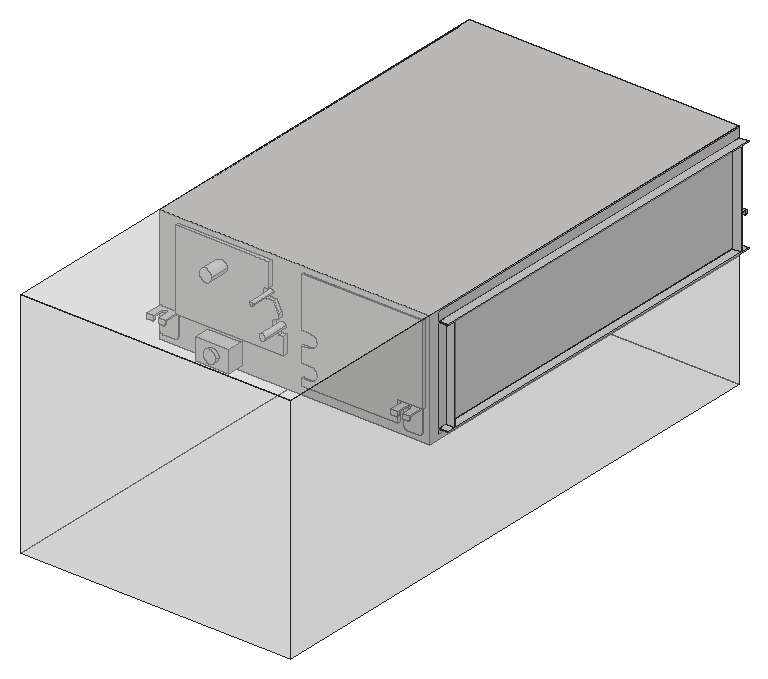
Revit family "outputfile", category 機械設備, Revit 2024
Family settings
  丸型コネクタ寸法 = 半径を使用
  パーツ タイプ = 標準
  OmniClass 番号 = 23.75.10.24.21.27.27
  OmniClass タイトル = Split System Air Conditioning Units
  作業面ベース = いいえ
  常に垂直 = はい
  ロード時にボイドで切り取り = いいえ
  注釈の向きを維持 = いいえ
  共有 = いいえ
  部屋計算ポイント = はい
Parameters (values of type "FXMQ80ARV1")
  製造元 = "Daikin"
  書き出し IFC クラス(タイプ) = "IfcUnitaryEquipmentType"
  定義済み IFC タイプ(タイプ) = "AIRCONDITIONINGUNIT"
  モデル = "FXMQ80ARV1"
  r_Liquid Pipe Size = Liquid Pipe Size / 2  # 4.75 mm
  r_Gas Pipe Size = Gas Pipe Size / 2  # 7.95 mm
  r_Drain Pipe Size = Drain Pipe Size / 2  # 16.0 mm
  lw_power = 396.0 mm  # constant formula
  lh_SA = 165.0 mm  # constant formula
  lw_SA = if(Depth = 550.0 mm, 210.0 mm, if(Depth = 700.0 mm, 285.0 mm, if(Depth = 1000.0 mm, 435.0 mm, 635.0 mm)))  # 435.0 mm
  lw_RA = if(Depth = 550.0 mm, 288.0 mm, if(Depth = 700.0 mm, 363.0 mm, if(Depth = 1000.0 mm, 513.0 mm, 713.0 mm)))  # 513.0 mm
  lh_power = 60.0 mm + [h***]  # 60.0 mm
  lh_mountinghole1 = lh_mountinghole + [h***]  # 80.0 mm
  lh_RA = 150.0 mm  # constant formula
  ld_power = Depth / 2  # 500.0 mm
  Voltage_comment_60Hz = "220-240"
  Voltage_comment_50Hz = "220-240"
  Voltage_60Hz = 220 V
  Voltage_50Hz = 220 V
  Supply Air Direction [instance] = yes
  Phase_60Hz = 1
  Phase_50Hz = 1
  Minimum Circuit Amps_60Hz = 1.7 A
  Minimum Circuit Amps_50Hz = 1.6 A
  Maximum Fuse Amps_60Hz = 15.0 A
  Maximum Fuse Amps_50Hz = 15.0 A
  Maximum External Static Pressure = 50.00 Pa
  Material_Casing = DAIKIN_GalvanizedSteel_Casing_indoorunit
  lw_mountinghole = 631.0 mm  # constant formula
  lh_gaspipe = 144.0 mm + [h***]  # 144.0 mm
  lh_mountinghole = 80.0 mm  # constant formula
  lh_liquidpipe = 212.0 mm + [h***]  # 212.0 mm
  lh_drainpipe = 232.0 mm + [h***]  # 232.0 mm
  lh_antena = Height - lh_mountinghole + 1.0 mm  # 221.0 mm
  ld_drainpipe = Depth / 2 + 59.0 mm  # 559.0 mm
  ld_liquidpipe = 565.0 mm
  ld_gaspipe = 565.0 mm
  ld_mountinghole = Depth + 38.0 mm  # 1038.0 mm
  h*** = 0.0 mm  # constant formula
  lw_liquidpipe = 290.0 mm  # constant formula
  lw_gaspipe = 318.0 mm  # constant formula
  lw_drainpipe = 167.0 mm  # constant formula
  Width = 700.0 mm
  Version = "ver.1.0"
  Unit Type = "Duct_M.S.P."
  Unit Mass Weight = 35.00 kg
  Unit Designation [instance] = ""
  Uniclass2015Version = "Products v1.30"
  Uniclass2015Title = "Variable refrigerant flow units"
  Uniclass2015Code = "Pr_70_65_03_94"
  Total Heating Capacity [instance] = 0.000 kW
  Total Cooling Capacity [instance] = 0.000 kW
  Sound Pressure Level_L speed (dBA) = 41
  Sound Pressure Level_H speed (dBA) = 43
  Series = "VRV Fan Coil Unit"
  Sensible Cooling Capacity [instance] = 0.000 kW
  SA Duct Size Width = if(Depth = 550.0 mm, 310.0 mm, if(Depth = 700.0 mm, 460.0 mm, if(Depth = 1000.0 mm, 760.0 mm, 1160.0 mm)))  # 760.0 mm
  SA Duct Size Height = 215.0 mm
  Refrigerant Type = "R410A"
  RA Duct Size Width = if(Depth = 550.0 mm, 475.0 mm, if(Depth = 700.0 mm, 625.0 mm, if(Depth = 1000.0 mm, 925.0 mm, 1325.0 mm)))  # 925.0 mm
  RA Duct Size Height = 247.0 mm
  Power Input (Heating) = 0.300 kW
  Power Input (Cooling) = 0.300 kW
  Option Accessory 3 [instance] = ""
  Option Accessory 2 [instance] = ""
  Option Accessory 1 [instance] = ""
  Nominal Heating Capacity = 9.000 kW
  Nominal Cooling Capacity = 9.000 kW
  Minimum Airflow = 1500.00 m³/h
  Median Airflow = 0.00 m³/h
  Maximum Airflow = 1800.00 m³/h
  Load Classification = HVAC
  Liquid Pipe Size = 9.5 mm
  Link_Nested Family [instance] = ""
  IfcVersion = ""
  IfcExportType = "AIRCONDITIONINGUNIT"
  IfcExportAs = "IfcUnitaryEquipmentType"
  Height = 300.0 mm
  Heating Entering Wet Bulb Temperature [instance] = 0.00 °C
  Heating Entering Dry Bulb Temperature [instance] = 0.00 °C
  Heating Ambient Wet Bulb Temperature [instance] = 0.00 °C
  Heating Ambient Dry Bulb Temperature [instance] = 0.00 °C
  Heat Exchanger Type = "Cross Fin Coil"
  Gas Pipe Size = 15.9 mm
  Frequency_60Hz = 60 Hz
  Frequency_50Hz = 50 Hz
  Fan Type = "Sirocco Fan"
  Fan Drive = "Direct Drive"
  FCU Tag No. [instance] = ""
  Drain Pipe Size = 32.0 mm
  Design Supply Airflow [instance] = 0.00 m³/h
  Design Return Airflow [instance] = 0.00 m³/h
  Design External Static Pressure [instance] = 0.00 Pa
  Depth = 1000.0 mm
  既定の高さ = 0.0 mm
  Cooling Entering Wet Bulb Temperature [instance] = 0.00 °C
  Cooling Entering Dry Bulb Temperature [instance] = 0.00 °C
  Cooling Ambient Wet Bulb Temperature [instance] = 0.00 °C
  Cooling Ambient Dry Bulb Temperature [instance] = 0.00 °C
  Clearance visibility [instance] = yes
  Clearance Top = 0.0 mm
  Clearance Right = 0.0 mm
  Clearance Rear = 0.0 mm
  Clearance Left = 0.0 mm
  Clearance Front = 450.0 mm
  Clearance Bottom = 300.0 mm
Reference planes
  plane 1 "Center (Front/Back)": y = 0
  plane 2 "h": z = 0
  plane 3 "Center (Left/Right)": x = 0
  plane 4 "Back": y = 500
  plane 5 "Front": y = -500
  plane 6 "Left": x = -350
  plane 7 "Reight": x = 350
  plane 8 "Top": z = 0
  plane 9 "Bottom": z = -300
  plane 10: y = -215
  plane 11: y = 500
  plane 12: y = -950
  plane 13: x = -350
  plane 14: x = 350
  plane 15: z = 0
  plane 16: z = -600
  plane 17: x = -350
  plane 18: z = -135
  plane 19: x = -349
  plane 20: x = 349
  plane 21: y = 65
  plane 22: y = 13
  plane 23: z = -150
  plane 24: y = -510.8
  plane 25: z = -14
  plane 26: z = -219
  plane 27: x = -60
  plane 28: x = -20
  plane 29: z = -156
  plane 30: x = -32
  plane 31: z = -88
  plane 32: x = 23
  plane 33: x = 335
  plane 34: z = -15.8
  plane 35: z = -274.8
  plane 36: z = -219.8
  plane 37: x = 271
  plane 38: x = -223.3
  plane 39: x = -138.3
  plane 40: z = -232.7
  plane 41: z = -288.5
  plane 42: y = -541
  plane 43: x = -181
  plane 44: z = -260
  plane 45: y = -549
  plane 46: z = -163.8
  plane 47: z = -239.8
  plane 48: x = 46
  plane 49: z = -88
  plane 50: x = -60
  plane 51: y = -565
  plane 52: z = -156
  plane 53: x = -32
  plane 54: y = -559
  plane 55: z = -68
  plane 56: x = -183
  plane 57: x = -183
  plane 58: x = -60
  plane 59: x = -32
  plane 60: x = 46
  plane 61: x = -323
  plane 62: x = 308
  plane 63: y = -519
  plane 64: y = 519
  plane 65: z = -220
  plane 66: y = -506
  plane 67: x = -298.5
  plane 68: x = -374
  plane 69: x = 374
Forms (mm)
  Extrusion 1, solid, material "DAIKIN_GalvanizedSteel_Casing_indoorunit" <- "Material_Casing"
    sketch origin (0, 0, 0) x (1, 0, 0) y (0, 1, 0)
      loop
        line (-349, 500) -> (-349, -500) -> (349, -500) -> (349, 500) -> (-349, 500)
    from -300 to 0
  Extrusion 2, solid, material "DAIKIN_GalvanizedSteel_Casing_indoorunit" <- "Material_Casing"
    sketch origin (0, 0, 0) x (1, 0, 0) y (0, 0, 1)
      loop
        line (-298.5, -219) -> (-20, -219) -> (-20, -173.5) -> (-32, -173.5)
        arc (-32, -173.5) -> (-49.471, -157.002) -> (-34, -138.615) r 17.5
        line (-34, -138.615) -> (-34, -127.5) -> (-47, -101) -> (-60, -101)
        arc (-60, -101) -> (-73, -88) -> (-60, -75) r 13
        line (-60, -75) -> (-60, -14) -> (-298.5, -14) -> (-298.5, -219)
    from 500 to 510.8
  Extrusion 3, solid, material "DAIKIN_GalvanizedSteel_Casing_indoorunit" <- "Material_Casing"
    sketch origin (0, 0, 0) x (1, 0, 0) y (0, 0, 1)
      loop
        line (23, -274.8) -> (271, -274.8) -> (271, -219.8) -> (335, -219.8) -> (335, -15.8) -> (23, -15.8) -> (23, -146.3) -> (46, -146.3)
        arc (46, -146.3) -> (63.5, -163.8) -> (46, -181.3) r 17.5
        line (46, -181.3) -> (23, -181.3) -> (23, -222.3) -> (46, -222.3)
        arc (46, -222.3) -> (63.5, -239.8) -> (46, -257.3) r 17.5
        line (46, -257.3) -> (23, -257.3) -> (23, -274.8)
    from 500 to 506
  Extrusion 4, solid, material "DAIKIN_GalvanizedSteel_Casing_indoorunit" <- "Material_Casing"
    sketch origin (0, 0, 0) x (1, 0, 0) y (0, 0, 1)
      loop
        line (-223.3, -232.7) -> (-223.3, -288.5) -> (-138.3, -288.5) -> (-138.3, -232.7) -> (-223.3, -232.7)
    from 500 to 541
  Extrusion 5, solid, material "DAIKIN_GalvanizedSteel_Casing_indoorunit" <- "Material_Casing"
    sketch origin (0, 0, 0) x (1, 0, 0) y (0, 0, 1)
      loop
        circle (-181, -260) r 16.5
    from 541 to 549
  Extrusion 6, solid
    sketch origin (0, 0, 0) x (1, 0, 0) y (0, 0, 1)
      loop
        circle (-60, -88) r 4.75
    from 500 to 565
  Extrusion 7, solid
    sketch origin (0, 0, 0) x (1, 0, 0) y (0, 0, 1)
      loop
        circle (-32, -156) r 7.95
    from 500 to 565
  Extrusion 8, solid
    sketch origin (0, 0, 0) x (1, 0, 0) y (0, 0, 1)
      loop
        circle (-183, -68) r 16
    from 510.8 to 559
Dimensions and locks
  "Height": plane 8 "Top" to plane 9 "Bottom"
  equal spacing: plane 4 "Back", plane 1 "Center (Front/Back)", plane 5 "Front"
  "Depth": plane 4 "Back" to plane 5 "Front"
  equal spacing: plane 6 "Left", plane 3 "Center (Left/Right)", plane 7 "Reight"
  "Width": plane 6 "Left" to plane 7 "Reight"
  "Clearance Left": plane 13 to plane 6 "Left"
  "Clearance Right": plane 7 "Reight" to plane 14
  "Clearance Rear": plane 11 to plane 4 "Back"
  "Clearance Front": plane 5 "Front" to plane 12
  "Clearance Top": plane 15 to plane 8 "Top"
  "Clearance Bottom": plane 9 "Bottom" to plane 16
  "lh_SA": plane 18 to plane 9 "Bottom"
  locked: plane 17 to plane 19 at 1
  "lw_SA": plane 4 "Back" to plane 21
  "lw_RA": plane 22 to plane 5 "Front"
  "lh_RA": plane 23 to plane 9 "Bottom"
  locked: plane 5 "Front" to plane 24 at 10.8
  plane 30 to plane 27 to plane 6 "Left" = 28.0 mm locked, 290.0 mm locked
  plane 33 to plane 32 to plane 6 "Left" = 312.0 mm locked, 373.0 mm locked
  locked: plane 33 to plane 37 at 64
  locked: plane 36 to plane 35 at 55
  plane 39 to plane 38 to plane 6 "Left" = 85.0 mm locked, 126.7 mm locked
  locked: plane 5 "Front" to plane 42 at 41
  locked: plane 43 to plane 6 "Left" at 169
  locked: plane 42 to plane 45 at 8
  plane 46 to plane 47 to plane 35 = 76.0 mm locked, 35.0 mm locked
  locked: plane 48 to plane 32 at 23
  "lw_liquidpipe": plane 50 to plane 6 "Left"
  "lh_liquidpipe": plane 49 to plane 9 "Bottom"
  "lh_gaspipe": plane 52 to plane 9 "Bottom"
  "lw_gaspipe": plane 53 to plane 6 "Left"
  "ld_gaspipe": plane 51 to plane 1 "Center (Front/Back)"
  "ld_drainpipe": plane 54 to plane 1 "Center (Front/Back)"
  "lh_drainpipe": plane 55 to plane 9 "Bottom"
  "lw_drainpipe": plane 56 to plane 6 "Left"
  "lw_drainpipe": plane 6 "Left" to plane 57
  "lw_liquidpipe": plane 6 "Left" to plane 58
  "lw_gaspipe": plane 6 "Left" to plane 59
  "lw_power": plane 6 "Left" to plane 60
  plane 17 to plane 61 = 27.0 mm
  "lw_mountinghole": plane 61 to plane 62
  equal spacing: plane 63, plane 1 "Center (Front/Back)", plane 64
  "ld_mountinghole": plane 64 to plane 63
  "lh_mountinghole": plane 65 to plane 9 "Bottom"
  plane 8 "Top" to plane 40 to plane 41 = 232.7 mm locked, 55.8 mm locked
  locked: plane 8 "Top" to plane 44 at 260
  plane 8 "Top" to plane 25 to plane 26 = 14.0 mm locked, 205.0 mm locked
  plane 8 "Top" to plane 31 to plane 29 = 88.0 mm locked, 68.0 mm locked
  plane 8 "Top" to plane 34 to plane 35 = 15.8 mm locked, 259.0 mm locked
  locked: plane 5 "Front" to plane 66 at 6
  locked: plane 68 to plane 6 "Left" at 24
  locked: plane 7 "Reight" to plane 69 at 24
  locked: plane 67 to plane 13 at 51.5
  locked: plane 28 to plane 30 at 12
  locked: Extrusion 2 sketch curve to plane 27 at 26
  plane 5 "Front" to plane 51 = 65.0 mm
  plane 5 "Front" to plane 54 = 59.0 mm
  locked: plane 20 to plane 7 "Reight" at 1
  "r_Liquid Pipe Size": radius of Extrusion 6 sketch curve
  "r_Gas Pipe Size": radius of Extrusion 7 sketch curve
  "r_Drain Pipe Size": radius of Extrusion 8 sketch curve
  aligned and locked: level to plane 2 "h"
  aligned and locked: plane 8 "Top" to Extrusion 1
  aligned and locked: Extrusion 1 to plane 9 "Bottom"
  aligned and locked: nested 5 to plane 12
  aligned and locked: plane 13 to nested 5
  aligned and locked: plane 14 to nested 5
  aligned and locked: nested 5 to plane 13
  aligned and locked: plane 11 to nested 5
  aligned and locked: plane 15 to nested 5
  aligned and locked: plane 16 to nested 5
  aligned and locked: plane 5 "Front" to Extrusion 1 sketch curve
  aligned and locked: Extrusion 1 to plane 19
  aligned and locked: plane 20 to Extrusion 1
  aligned and locked: nested 7 to plane 19
  aligned and locked: nested 7 to plane 21
  aligned and locked: plane 18 to nested 7
  aligned and locked: plane 20 to nested 8
  aligned and locked: plane 22 to nested 8
  aligned and locked: plane 23 to nested 8
  aligned and locked: Extrusion 2 to plane 24
  aligned and locked: plane 5 "Front" to Extrusion 2
  aligned and locked: plane 35 to Extrusion 3 sketch curve
  aligned and locked: plane 37 to Extrusion 3 sketch curve
  aligned and locked: plane 36 to Extrusion 3 sketch curve
  aligned and locked: Extrusion 3 sketch curve to plane 33
  aligned and locked: Extrusion 3 sketch curve to plane 34
  aligned and locked: Extrusion 3 sketch curve to plane 32
  aligned and locked: plane 5 "Front" to Extrusion 3
  aligned and locked: Extrusion 4 sketch curve to plane 40
  aligned and locked: Extrusion 4 sketch curve to plane 38
  aligned and locked: plane 41 to Extrusion 4 sketch curve
  aligned and locked: plane 39 to Extrusion 4 sketch curve
  aligned and locked: Extrusion 4 to plane 42
  aligned and locked: plane 5 "Front" to Extrusion 4
  aligned and locked: Extrusion 5 sketch curve to plane 43
  aligned and locked: plane 44 to Extrusion 5 sketch curve
  aligned and locked: Extrusion 5 to plane 45
  aligned and locked: plane 42 to Extrusion 5
  aligned and locked: Extrusion 6 sketch curve to plane 50
  aligned and locked: plane 49 to Extrusion 6 sketch curve
  aligned and locked: Extrusion 6 to plane 51
  aligned and locked: plane 5 "Front" to Extrusion 6
  aligned and locked: Extrusion 7 sketch curve to plane 53
  aligned and locked: plane 52 to Extrusion 7 sketch curve
  aligned and locked: Extrusion 7 to Extrusion 6
  aligned and locked: plane 5 "Front" to Extrusion 7
  aligned and locked: Extrusion 8 sketch curve to plane 56
  aligned and locked: Extrusion 8 sketch curve to plane 55
  aligned and locked: Extrusion 8 to plane 54
  aligned and locked: plane 24 to Extrusion 8
  aligned and locked: nested 3 to plane 54
  aligned and locked: plane 57 to nested 3
  aligned and locked: plane 58 to nested 2
  aligned and locked: nested 2 to plane 51
  aligned and locked: nested 1 to plane 59
  aligned and locked: Extrusion 7 to plane 51
  aligned and locked: nested 1 to plane 51
  aligned and locked: nested 6 to plane 5 "Front"
  aligned and locked: nested 6 to plane 60
  aligned and locked: plane 61 to nested 10
  aligned and locked: nested 10 to plane 5 "Front"
  aligned and locked: plane 62 to nested 9
  aligned and locked: nested 9 to plane 5 "Front"
  aligned and locked: nested 11 to plane 61
  aligned and locked: plane 4 "Back" to nested 11
  aligned and locked: nested 12 to plane 62
  aligned and locked: plane 4 "Back" to nested 12
  aligned and locked: plane 65 to nested 10
  aligned and locked: plane 65 to nested 11
  aligned and locked: plane 65 to nested 9
  aligned and locked: plane 65 to nested 12
  aligned and locked: plane 61 to nested 14
  aligned and locked: nested 14 to plane 64
  aligned and locked: plane 62 to nested 13
  aligned and locked: nested 13 to plane 64
  aligned and locked: plane 62 to nested 16
  aligned and locked: plane 63 to nested 16
  aligned and locked: plane 63 to nested 15
  aligned and locked: plane 61 to nested 15
  aligned and locked: Extrusion 3 to plane 66
  aligned and locked: plane 67 to Extrusion 2 sketch curve
  aligned and locked: nested 17 to plane 21
  aligned and locked: nested 17 to plane 68
  aligned and locked: plane 18 to nested 17
  aligned and locked: plane 22 to nested 18
  aligned and locked: plane 69 to nested 18
  aligned and locked: nested 18 to plane 23
  aligned and locked: nested 4 to plane 3 "Center (Left/Right)"
  aligned and locked: plane 1 "Center (Front/Back)" to nested 4
  aligned and locked: level to plane 8 "Top"
  aligned and locked: Extrusion 2 sketch curve to plane 28
  aligned and locked: Extrusion 2 sketch curve to plane 26
Automatic sketch dimensions
  plane 6 "Left" to Extrusion 1 sketch curve = 1.0 mm
  Extrusion 1 sketch curve to plane 7 "Reight" = 1.0 mm
  Extrusion 1 sketch curve to plane 4 "Back" = 0.0 mm
  Extrusion 3 sketch curve to plane 32 = 0.0 mm  (x2)
  Extrusion 3 sketch curve to plane 46 = 0.0 mm
  Extrusion 3 sketch curve to plane 48 = 0.0 mm  (x2)
  Extrusion 3 sketch curve to plane 47 = 0.0 mm
  Extrusion 3 sketch curve to plane 36 = 2.5 mm
  plane 23 to Extrusion 3 sketch curve = 3.7 mm
  Extrusion 2 sketch curve to plane 25 = 0.0 mm
  plane 27 to Extrusion 2 sketch curve = 0.0 mm
  Extrusion 2 sketch curve to plane 30 = 0.0 mm
  Extrusion 2 sketch curve to plane 29 = 0.0 mm
  Extrusion 2 sketch curve to plane 31 = 0.0 mm
  Extrusion 2 sketch curve to Extrusion 2 sketch curve = 13.0 mm
  Extrusion 2 sketch curve to plane 29 = 17.5 mm
  Extrusion 2 sketch curve to plane 31 = 13.0 mm
  plane 18 to Extrusion 2 sketch curve = 7.5 mm
  radius of Extrusion 5 sketch curve = 16.5 mm
Nested families
  nested 1: "daikin_connector_rotate2" at (-32, 0, -156), length <- "ld_gaspipe", built-in parameter 1001364 <- "lh_gaspipe", radius <- "r_Gas Pipe Size", type "daikin_connector_rotate2"
    with radius 7.95 mm, length 565.0 mm, angle_vertical 90.00°
  nested 2: "daikin_connector_rotate2" at (-60, 0, -88), length <- "ld_liquidpipe", built-in parameter 1001364 <- "lh_liquidpipe", radius <- "r_Liquid Pipe Size", type "daikin_connector_rotate2"
    with radius 4.75 mm, length 565.0 mm, angle_vertical 90.00°
  nested 3: "daikin_connector_rotate2" at (-183, 0, -68), length <- "ld_drainpipe", built-in parameter 1001364 <- "lh_drainpipe", radius <- "r_Drain Pipe Size", type "daikin_connector_rotate2"
    with radius 16.0 mm, length 559.0 mm, angle_vertical 90.00°
  nested 4: "daikin_△_symbolicline" at (0, 0, 300) x (0, -1, 0) z (0, 0, 1), built-in parameter 1001364 <- "Height", visible <- "Supply Air Direction", type "daikin_△_symbolicline"
    with length 200.0 mm
  nested 5: "daikin_clearancespace" at (0, -225, -299.881), visible <- "Clearance visibility", show <- "Clearance visibility", Link_Nested Family <- "Link_Nested Family", type "daikin_clearancespace"
    with width 700.0 mm, show yes, height 600.0 mm, depth 1450.0 mm, Link_Nested Family ""
  nested 6: "daikin_connector_rotate2" at (46, 0, -240), built-in parameter 1001364 <- "lh_power", length <- "ld_power", type "daikin_connector_rotate2"
    with radius 10.0 mm, length 500.0 mm, angle_vertical 90.00°
  nested 7: "daikin_ductflange_FXMQ-ARV1_2" at (-349, 65, -135) x (0, -1, 0) z (0, 0, 1), type "daikin_ductflange_FXMQ-ARV1_2"
    with width 760.0 mm, w 1000.0 mm
  nested 8: "daikin_ductflange_FXMQ-ARV1_1" at (349, 13, -150) x (0, 1, 0) z (0, 0, 1), type "daikin_ductflange_FXMQ-ARV1_1"
    with width 925.0 mm, w 1000.0 mm
  nested 9: "daikin_hangerfixture_FXMQ-ARV1" at (308, -500, -220), type "daikin_hangerfixture_FXMQ-ARV1"
  nested 10: "daikin_hangerfixture_FXMQ-ARV1" at (-323, -500, -220), type "daikin_hangerfixture_FXMQ-ARV1"
  nested 11: "daikin_hangerfixture_FXMQ-ARV1" at (-323, 500, -220) x (-1, 0, 0) z (0, 0, 1), type "daikin_hangerfixture_FXMQ-ARV1"
  nested 12: "daikin_hangerfixture_FXMQ-ARV1" at (308, 500, -220) x (-1, 0, 0) z (0, 0, 1), type "daikin_hangerfixture_FXMQ-ARV1"
  nested 13: "daikin_mountinghole" at (308, 519, -300), h_mountinghole <- "lh_mountinghole1", l_antenna <- "lh_antena", Link_Nested Family <- "Link_Nested Family", type "daikin_mountinghole"
    with show yes, l_antenna 221.0 mm, h_mountinghole 80.0 mm, Link_Nested Family ""
  nested 14: "daikin_mountinghole" at (-323, 519, -300), h_mountinghole <- "lh_mountinghole1", l_antenna <- "lh_antena", Link_Nested Family <- "Link_Nested Family", type "daikin_mountinghole"
    with show yes, l_antenna 221.0 mm, h_mountinghole 80.0 mm, Link_Nested Family ""
  nested 15: "daikin_mountinghole" at (-323, -519, -300), h_mountinghole <- "lh_mountinghole1", l_antenna <- "lh_antena", Link_Nested Family <- "Link_Nested Family", type "daikin_mountinghole"
    with show yes, l_antenna 221.0 mm, h_mountinghole 80.0 mm, Link_Nested Family ""
  nested 16: "daikin_mountinghole" at (308, -519, -300), h_mountinghole <- "lh_mountinghole1", l_antenna <- "lh_antena", Link_Nested Family <- "Link_Nested Family", type "daikin_mountinghole"
    with show yes, l_antenna 221.0 mm, h_mountinghole 80.0 mm, Link_Nested Family ""
  nested 17: "daikin_connector_rotate2" at (-350, 65, -135) x (0, -1, 0) z (0, 0, 1), type "daikin_connector_rotate2"
    with radius 10.0 mm, length 24.0 mm, angle_vertical 90.00°
  nested 18: "daikin_connector_rotate2" at (350, 13, -150) x (0, 1, 0) z (0, 0, 1), type "daikin_connector_rotate2"
    with radius 10.0 mm, length 24.0 mm, angle_vertical 90.00°
Connectors
  piping at (-183, -559, -68), diameter 32, driven by "r_Drain Pipe Size"
    settings: on nested 3, index 3, connector inside diameter 609.6 mm, connector length 0.0 mm, flow factor 0, pipe flow 0.00 m³/h, pressure drop 0.0 Pa, fitting loss kfactor 0, connector angle 0.00°, fixture units 0, engagement length 0.0 mm, angle of deflection 0.00°, flow configuration 1, flow direction 2, fitting loss method 4, system type 16, joint type 0, gender type 0, connector reference index -1, connector utility 0, adjustable connector no, is connector primary yes, connector description "Condensate Drain Piping"
  piping at (-32, -565, -156), diameter 15.9, driven by "r_Gas Pipe Size"
    settings: on nested 1, index 4, connector inside diameter 609.6 mm, connector length 0.0 mm, flow factor 0, pipe flow 0.00 m³/h, pressure drop 0.0 Pa, fitting loss kfactor 0, connector angle 0.00°, fixture units 0, engagement length 0.0 mm, angle of deflection 0.00°, flow configuration 1, flow direction 2, fitting loss method 0, system type 29, joint type 0, gender type 0, connector reference index -1, connector utility 0, adjustable connector no, is connector primary no, connector description "Refrigerant Gas Piping"
  piping at (-60, -565, -88), diameter 9.5, driven by "r_Liquid Pipe Size"
    settings: on nested 2, index 5, connector inside diameter 609.6 mm, connector length 0.0 mm, flow factor 0, pipe flow 0.00 m³/h, pressure drop 0.0 Pa, fitting loss kfactor 0, connector angle 0.00°, fixture units 0, engagement length 0.0 mm, angle of deflection 0.00°, flow configuration 1, flow direction 1, fitting loss method 0, system type 29, joint type 0, gender type 0, connector reference index -1, connector utility 0, adjustable connector no, is connector primary no, connector description "Refrigerant Liquid Piping"
  electrical at (46, -500, -240), driven by "Load Classification"
    settings: on nested 6, index 6, voltage 0 V, apparent load 0 VA, apparent load phase1 0 VA, apparent load phase2 0 VA, apparent load phase3 0 VA, power factor 1, load classification "HVAC", number of poles 1, system type 30, power factor state 1, is connector primary yes, connector utility no, sub classification motor no, connector description "Power Supply"
  hvac at (-374, 65, -135), driven by "SA Duct Size Height", driven by "SA Duct Size Width"
    settings: on nested 17, index 7, duct flow 0.00 m³/h, flow factor 0, pres drop 0.00 Pa, loss coef 0, conn angle 0.00°, conn width 760.0 mm, conn height 215.0 mm, conn diameter 609.6 mm, duct sys type 1, conn prof type 1, flow config 0, flow direction 2, loss method 4, conn ref index -1, conn util no, is conn primary yes, conn desc "SA Duct"
  hvac at (374, 13, -150), driven by "RA Duct Size Height", driven by "RA Duct Size Width"
    settings: on nested 18, index 8, duct flow 0.00 m³/h, flow factor 0, pres drop 0.00 Pa, loss coef 0, conn angle 0.00°, conn width 925.0 mm, conn height 247.0 mm, conn diameter 609.6 mm, duct sys type 2, conn prof type 1, flow config 0, flow direction 1, loss method 4, conn ref index -1, conn util no, is conn primary no, conn desc "RA Duct"
Definition of nested family "daikin_clearancespace"
  Parameters (values of type "daikin_clearancespace")
    Description = "daikin_clearancespace"
    width [instance] = 1823.963 mm
    show [instance] = yes
    material = none
    height [instance] = 1359.762 mm
    depth [instance] = 880.0 mm
    Default Elevation = 0.0 mm
    Link_Nested Family [instance] = ""
  Reference planes
    plane 1 "Center (Front/Back)": y = 0
    plane 2 "Center (Elevation)": z = -0.119
    plane 3 "Center (Left/Right)": x = 0
    plane 4: y = 440
    plane 5: y = -440
    plane 6 "Right": x = 911.982
    plane 7 "Left": x = -911.982
    plane 8 "Top": z = 679.762
    plane 9 "Bottom": z = -680
  Forms (mm)
    Extrusion 1, solid, material <- "material", visible <- "show"
      sketch origin (0, 0, 0) x (1, 0, 0) y (0, 1, 0)
        loop
          line (-911.982, 440) -> (-911.982, -440) -> (911.982, -440) -> (911.982, 440) -> (-911.982, 440)
      from -680 to 679.762
  Lines and regions (mm)
    symbolic lines, visible <- "show"
      curve 1: line (911.982, 440, 0) -> (-911.982, 440, 0)
      curve 2: line (-911.982, 440, 0) -> (-911.982, -440, 0)
      curve 3: line (-911.982, -440, 0) -> (911.982, -440, 0)
      curve 4: line (911.982, -440, 0) -> (911.982, 440, 0)
      curve 5: line (911.982, 0, 679.762) -> (-911.982, 0, 679.762)
      curve 6: line (911.982, 0, -680) -> (911.982, 0, 679.762)
      curve 7: line (-911.982, 0, -680) -> (911.982, 0, -680)
      curve 8: line (-911.982, 0, 679.762) -> (-911.982, 0, -680)
      curve 9: line (0, 440, 679.762) -> (0, -440, 679.762)
      curve 10: line (0, -440, 679.762) -> (0, -440, -680)
      curve 11: line (0, 440, -680) -> (0, 440, 679.762)
      curve 12: line (0, -440, -680) -> (0, 440, -680)
  Dimensions and locks
    "width": plane 7 "Left" to plane 6 "Right"
    "depth": plane 4 to plane 5
    "height": plane 8 "Top" to plane 9 "Bottom"
    equal spacing: plane 7 "Left", plane 3 "Center (Left/Right)", plane 6 "Right"
    equal spacing: plane 4, plane 1 "Center (Front/Back)", plane 5
    equal spacing: plane 8 "Top", plane 2 "Center (Elevation)", plane 9 "Bottom"
    aligned and locked: level to plane 2 "Center (Elevation)"
    aligned and locked: Extrusion 1 sketch curve to plane 4
    aligned and locked: plane 7 "Left" to Extrusion 1 sketch curve
    aligned and locked: Extrusion 1 sketch curve to plane 5
    aligned and locked: Extrusion 1 sketch curve to plane 6 "Right"
    aligned and locked: plane 8 "Top" to Extrusion 1
    aligned and locked: curve 1 to Extrusion 1
    aligned and locked: curve 2 to Extrusion 1
    aligned and locked: curve 3 to Extrusion 1
    aligned and locked: curve 4 to Extrusion 1
    aligned and locked: curve 5 to Extrusion 1
    aligned and locked: curve 6 to Extrusion 1
    aligned and locked: curve 7 to Extrusion 1
    aligned and locked: curve 8 to Extrusion 1
    aligned and locked: curve 9 to Extrusion 1
    aligned and locked: curve 10 to Extrusion 1
    aligned and locked: curve 11 to Extrusion 1
    aligned and locked: curve 12 to Extrusion 1
    aligned and locked: Extrusion 1 to plane 9 "Bottom"
Definition of nested family "daikin_ductflange_FXMQ-ARV1_2"
  Parameters (values of type "daikin_ductflange_FXDSQ-AVM2")
    width = if(w = 550.0 mm, 310.0 mm, if(w = 700.0 mm, 460.0 mm, if(w = 1000.0 mm, 760.0 mm, 1160.0 mm)))  # 310.0 mm
    material = none
    height = 215.0 mm
    depth = 1.0 mm
    w = 550.0 mm
    Default Elevation = 0.0 mm
  Reference planes
    plane 1 "Center (Front/Back)": y = 0
    plane 2: z = 0
    plane 3 "Center (Left/Right)": x = 0
    plane 4: z = 107.5
    plane 5: z = -107.5
    plane 6: y = -25
    plane 7: z = 132.5
    plane 8: z = 108.5
    plane 9: y = -1
    plane 10: x = -177.5
    plane 11: x = 177.5
    plane 12: z = -132.5
    plane 13: z = -108.5
    plane 14: y = -1
    plane 15: x = 155
    plane 16: x = -155
    plane 17: x = 156
    plane 18: z = 106.5
    plane 19: z = -106.5
    plane 20: x = -156
    plane 21: z = 106.5
    plane 22: z = -106.5
    plane 23: y = -1
  Forms (mm)
    Extrusion 1, solid, material <- "material"
      sketch origin (0, 0, 0) x (0, 1, 0) y (0, 0, 1)
        loop
          line (-25, 107.5) -> (0, 107.5) -> (0, 132.5) -> (-1, 132.5) -> (-1, 108.5) -> (-25, 108.5) -> (-25, 107.5)
      from -177.5 to 177.5
    Extrusion 2, solid, material <- "material"
      sketch origin (0, 0, 0) x (0, 1, 0) y (0, 0, 1)
        loop
          line (-25, -107.5) -> (-25, -108.5) -> (-1, -108.5) -> (-1, -132.5) -> (0, -132.5) -> (0, -107.5) -> (-25, -107.5)
      from -177.5 to 177.5
    Extrusion 3, solid, material <- "material"
      sketch origin (0, 0, 0) x (1, 0, 0) y (0, 0, 1)
        loop
          line (155, 107.5) -> (155, -107.5) -> (177.5, -107.5) -> (177.5, -106.5) -> (156, -106.5) -> (156, 106.5) -> (177.5, 106.5) -> (177.5, 107.5) -> (155, 107.5)
      from 0 to 25
    Extrusion 4, solid, material <- "material"
      sketch origin (0, 0, 0) x (1, 0, 0) y (0, 0, 1)
        loop
          line (-177.5, 107.5) -> (-177.5, 106.5) -> (-156, 106.5) -> (-156, -106.5) -> (-177.5, -106.5) -> (-177.5, -107.5) -> (-155, -107.5) -> (-155, 107.5) -> (-177.5, 107.5)
      from 0 to 25
    Extrusion 5, solid, material <- "material"
      sketch origin (0, 0, 0) x (1, 0, 0) y (0, 0, 1)
        loop
          line (-177.5, 107.5) -> (-177.5, -107.5) -> (-155, -107.5) -> (-155, 107.5) -> (-177.5, 107.5)
        loop
          line (177.5, 107.5) -> (155, 107.5) -> (155, -107.5) -> (177.5, -107.5) -> (177.5, 107.5)
      from 0 to 1
  Cuts and joins
    joined: Extrusion 1, Extrusion 2, Extrusion 3, Extrusion 4, Extrusion 5
  Dimensions and locks
    plane 4 to level to plane 5 = 107.5 mm locked, 107.5 mm locked
    locked: plane 6 to plane 1 "Center (Front/Back)" at 25
    locked: plane 9 to plane 1 "Center (Front/Back)" at 1
    locked: plane 8 to plane 4 at 1
    locked: plane 11 to plane 15 at 22.5
    locked: plane 16 to plane 10 at 22.5
    locked: plane 17 to plane 15 at 1
    locked: plane 4 to plane 18 at 1
    locked: plane 19 to plane 5 at 1
    "width": plane 15 to plane 16
    plane 4 to plane 5 = 215.0 mm
    equal spacing: plane 15, plane 3 "Center (Left/Right)", plane 16
    locked: plane 16 to plane 20 at 1
    locked: plane 4 to plane 21 at 1
    locked: plane 22 to plane 5 at 1
    locked: plane 23 to plane 1 "Center (Front/Back)" at 1
    aligned and locked: level to plane 2
    aligned and locked: Extrusion 1 to plane 10
    aligned and locked: plane 11 to Extrusion 1
    aligned and locked: plane 5 to Extrusion 2
    aligned and locked: Extrusion 2 to plane 1 "Center (Front/Back)"
    aligned and locked: plane 15 to Extrusion 3 sketch curve
    aligned and locked: Extrusion 3 sketch curve to Extrusion 2  (x2)
    aligned and locked: Extrusion 3 sketch curve to plane 11
    aligned and locked: plane 6 to Extrusion 3
    aligned and locked: Extrusion 2 to plane 10
    aligned and locked: plane 11 to Extrusion 2
    aligned and locked: Extrusion 4 sketch curve to Extrusion 1  (x2)
    aligned and locked: plane 5 to Extrusion 4 sketch curve
    aligned and locked: Extrusion 4 sketch curve to plane 16
    aligned and locked: Extrusion 4 sketch curve to plane 22
    aligned and locked: plane 20 to Extrusion 4 sketch curve
    aligned and locked: plane 21 to Extrusion 4 sketch curve
    aligned and locked: Extrusion 4 to plane 1 "Center (Front/Back)"
    aligned and locked: plane 6 to Extrusion 4
    aligned and locked: Extrusion 5 sketch curve to Extrusion 1  (x4)
    aligned and locked: Extrusion 5 sketch curve to Extrusion 4  (x2)
    aligned and locked: Extrusion 5 sketch curve to Extrusion 3  (x2)
    aligned and locked: Extrusion 5 to plane 1 "Center (Front/Back)"
    aligned and locked: plane 23 to Extrusion 5
  Automatic sketch dimensions
    Extrusion 1 sketch curve to plane 6 = 0.0 mm
    Extrusion 1 sketch curve to plane 7 = 0.0 mm
    Extrusion 1 sketch curve to plane 9 = 0.0 mm
    Extrusion 1 sketch curve to plane 1 "Center (Front/Back)" = 0.0 mm
    Extrusion 1 sketch curve to plane 4 = 0.0 mm
    Extrusion 1 sketch curve to plane 8 = 0.0 mm
    Extrusion 2 sketch curve to plane 6 = 0.0 mm
    plane 12 to Extrusion 2 sketch curve = 0.0 mm
    Extrusion 2 sketch curve to plane 14 = 0.0 mm
    Extrusion 2 sketch curve to plane 1 "Center (Front/Back)" = 0.0 mm
    plane 13 to Extrusion 2 sketch curve = 0.0 mm
    Extrusion 2 sketch curve to plane 5 = 0.0 mm
    Extrusion 3 sketch curve to plane 17 = 0.0 mm
    Extrusion 3 sketch curve to plane 19 = 0.0 mm
    Extrusion 3 sketch curve to plane 18 = 0.0 mm
    Extrusion 3 sketch curve to plane 4 = 0.0 mm
    Extrusion 4 sketch curve to plane 10 = 0.0 mm
Definition of nested family "daikin_ductflange_FXMQ-ARV1_1"
  Parameters (values of type "daikin_ductflange_FXDSQ-AVM")
    width = if(w = 550.0 mm, 475.0 mm, if(w = 700.0 mm, 625.0 mm, if(w = 1000.0 mm, 925.0 mm, 1325.0 mm)))  # 475.0 mm
    material = none
    height = 247.0 mm
    depth = 1.0 mm
    w = 550.0 mm
    Default Elevation = 0.0 mm
  Reference planes
    plane 1 "Center (Front/Back)": y = 0
    plane 2: z = 0
    plane 3 "Center (Left/Right)": x = 0
    plane 4: z = 123.5
    plane 5: z = -123.5
    plane 6: y = -25
    plane 7: z = 146.5
    plane 8: z = 124.5
    plane 9: y = -1
    plane 10: x = -260
    plane 11: x = 260
    plane 12: z = -137
    plane 13: z = -124.5
    plane 14: y = -1
    plane 15: x = 237.5
    plane 16: x = -237.5
    plane 17: x = 238.5
    plane 18: z = 122.5
    plane 19: z = -122.5
    plane 20: x = -238.5
    plane 21: z = 122.5
    plane 22: z = -122.5
    plane 23: y = -1
  Forms (mm)
    Extrusion 1, solid, material <- "material"
      sketch origin (0, 0, 0) x (0, 1, 0) y (0, 0, 1)
        loop
          line (-25, 123.5) -> (0, 123.5) -> (0, 146.5) -> (-1, 146.5) -> (-1, 124.5) -> (-25, 124.5) -> (-25, 123.5)
      from -260 to 260
    Extrusion 2, solid, material <- "material"
      sketch origin (0, 0, 0) x (0, 1, 0) y (0, 0, 1)
        loop
          line (-25, -123.5) -> (-25, -124.5) -> (-1, -124.5) -> (-1, -137) -> (0, -137) -> (0, -123.5) -> (-25, -123.5)
      from -260 to 260
    Extrusion 3, solid, material <- "material"
      sketch origin (0, 0, 0) x (1, 0, 0) y (0, 0, 1)
        loop
          line (237.5, 123.5) -> (237.5, -123.5) -> (260, -123.5) -> (260, -122.5) -> (238.5, -122.5) -> (238.5, 122.5) -> (260, 122.5) -> (260, 123.5) -> (237.5, 123.5)
      from 0 to 25
    Extrusion 4, solid, material <- "material"
      sketch origin (0, 0, 0) x (1, 0, 0) y (0, 0, 1)
        loop
          line (-260, 123.5) -> (-260, 122.5) -> (-238.5, 122.5) -> (-238.5, -122.5) -> (-260, -122.5) -> (-260, -123.5) -> (-237.5, -123.5) -> (-237.5, 123.5) -> (-260, 123.5)
      from 0 to 25
    Extrusion 5, solid, material <- "material"
      sketch origin (0, 0, 0) x (1, 0, 0) y (0, 0, 1)
        loop
          line (-260, 123.5) -> (-260, -123.5) -> (-237.5, -123.5) -> (-237.5, 123.5) -> (-260, 123.5)
        loop
          line (260, 123.5) -> (237.5, 123.5) -> (237.5, -123.5) -> (260, -123.5) -> (260, 123.5)
      from 0 to 1
  Cuts and joins
    joined: Extrusion 1, Extrusion 2, Extrusion 3, Extrusion 4, Extrusion 5
  Dimensions and locks
    plane 4 to level to plane 5 = 123.5 mm, 123.5 mm
    locked: plane 6 to plane 1 "Center (Front/Back)" at 25
    locked: plane 9 to plane 1 "Center (Front/Back)" at 1
    locked: plane 8 to plane 4 at 1
    locked: plane 11 to plane 15 at 22.5
    locked: plane 16 to plane 10 at 22.5
    locked: plane 17 to plane 15 at 1
    locked: plane 4 to plane 18 at 1
    locked: plane 19 to plane 5 at 1
    "width": plane 15 to plane 16
    equal spacing: plane 15, plane 3 "Center (Left/Right)", plane 16
    locked: plane 16 to plane 20 at 1
    locked: plane 4 to plane 21 at 1
    locked: plane 22 to plane 5 at 1
    locked: plane 23 to plane 1 "Center (Front/Back)" at 1
    equal spacing: plane 4, level, plane 5
    locked: plane 7 to plane 4 at 23
    locked: plane 5 to plane 12 at 13.5
    locked: plane 1 "Center (Front/Back)" to plane 14 at 1
    locked: plane 5 to plane 13 at 1
    locked: plane 4 to plane 5 at 247
    aligned and locked: level to plane 2
    aligned and locked: Extrusion 1 to plane 10
    aligned and locked: plane 11 to Extrusion 1
    aligned and locked: plane 5 to Extrusion 2
    aligned and locked: Extrusion 2 to plane 1 "Center (Front/Back)"
    aligned and locked: plane 15 to Extrusion 3 sketch curve
    aligned and locked: Extrusion 3 sketch curve to Extrusion 2  (x2)
    aligned and locked: Extrusion 3 sketch curve to plane 11
    aligned and locked: plane 6 to Extrusion 3
    aligned and locked: Extrusion 2 to plane 10
    aligned and locked: plane 11 to Extrusion 2
    aligned and locked: Extrusion 4 sketch curve to Extrusion 1  (x2)
    aligned and locked: plane 5 to Extrusion 4 sketch curve
    aligned and locked: Extrusion 4 sketch curve to plane 16
    aligned and locked: Extrusion 4 sketch curve to plane 22
    aligned and locked: plane 20 to Extrusion 4 sketch curve
    aligned and locked: plane 21 to Extrusion 4 sketch curve
    aligned and locked: Extrusion 4 to plane 1 "Center (Front/Back)"
    aligned and locked: plane 6 to Extrusion 4
    aligned and locked: Extrusion 5 sketch curve to Extrusion 1  (x4)
    aligned and locked: Extrusion 5 sketch curve to Extrusion 4  (x2)
    aligned and locked: Extrusion 5 sketch curve to Extrusion 3  (x2)
    aligned and locked: Extrusion 5 to plane 1 "Center (Front/Back)"
    aligned and locked: plane 23 to Extrusion 5
  Automatic sketch dimensions
    Extrusion 1 sketch curve to plane 6 = 0.0 mm
    Extrusion 1 sketch curve to plane 7 = 0.0 mm
    Extrusion 1 sketch curve to plane 9 = 0.0 mm
    Extrusion 1 sketch curve to plane 1 "Center (Front/Back)" = 0.0 mm
    Extrusion 1 sketch curve to plane 4 = 0.0 mm
    Extrusion 1 sketch curve to plane 8 = 0.0 mm
    Extrusion 2 sketch curve to plane 6 = 0.0 mm
    plane 12 to Extrusion 2 sketch curve = 0.0 mm
    Extrusion 2 sketch curve to plane 14 = 0.0 mm
    Extrusion 2 sketch curve to plane 1 "Center (Front/Back)" = 0.0 mm
    plane 13 to Extrusion 2 sketch curve = 0.0 mm
    Extrusion 2 sketch curve to plane 5 = 0.0 mm
    Extrusion 3 sketch curve to plane 17 = 0.0 mm
    Extrusion 3 sketch curve to plane 19 = 0.0 mm
    Extrusion 3 sketch curve to plane 18 = 0.0 mm
    Extrusion 3 sketch curve to plane 4 = 0.0 mm
    Extrusion 4 sketch curve to plane 10 = 0.0 mm
Definition of nested family "daikin_hangerfixture_FXMQ-ARV1"
  Parameters (values of type "daikin_hangerfixture_FXMQ-PAVE")
    width = 48.0 mm
    material = none
    height = 65.0 mm
    depth = 45.0 mm
    Default Elevation = 0.0 mm
  Reference planes
    plane 1 "Center (Front/Back)": y = 0
    plane 2: z = 0
    plane 3 "Center (Left/Right)": x = 0
    plane 4: y = 417.146
    plane 5: y = -45
    plane 6: x = -24
    plane 7: x = 24
    plane 8: z = -2.3
    plane 9: z = -65
    plane 10: y = -2.3
    plane 11: z = -12
    plane 12: y = -42.7
  Forms (mm)
    Extrusion 1, solid, material <- "material"
      sketch origin (0, 0, 0) x (1, 0, 0) y (0, 1, 0)
        loop
          line (24, 0) -> (-24, 0) -> (-24, -45) -> (-6, -45) -> (-6, -19)
          arc (-6, -19) -> (0, -13) -> (6, -19) r 6
          line (6, -19) -> (6, -45) -> (24, -45) -> (24, 0)
      from 0 to -2.3
    Extrusion 2, solid, material <- "material"
      sketch origin (0, 0, 0) x (1, 0, 0) y (0, 0, 1)
        loop
          line (24, -55) -> (24, 0) -> (-24, 0) -> (-24, -55)
          arc (-24, -55) -> (-21.071, -62.071) -> (-14, -65) r 10
          line (-14, -65) -> (14, -65)
          arc (14, -65) -> (21.071, -62.071) -> (24, -55) r 10
      from 0 to 2.3
    Extrusion 3, solid, material <- "material"
      sketch origin (0, 0, 0) x (1, 0, 0) y (0, 0, 1)
        loop
          line (-6, -9) -> (-6, 0) -> (-24, 0) -> (-24, -9)
          arc (-24, -9) -> (-23.121, -11.121) -> (-21, -12) r 3
          line (-21, -12) -> (-9, -12)
          arc (-9, -12) -> (-6.879, -11.121) -> (-6, -9) r 3
        loop
          line (6, 0) -> (6, -9)
          arc (6, -9) -> (6.879, -11.121) -> (9, -12) r 3
          line (9, -12) -> (21, -12)
          arc (21, -12) -> (23.121, -11.121) -> (24, -9) r 3
          line (24, -9) -> (24, 0) -> (6, 0)
      from 42.7 to 45
  Cuts and joins
    joined: Extrusion 1, Extrusion 2, Extrusion 3
  Dimensions and locks
    "width": plane 6 to plane 7
    "depth": plane 5 to plane 1 "Center (Front/Back)"
    plane 2 to plane 8 = 2.3 mm
    "height": plane 2 to plane 9
    locked: plane 10 to plane 1 "Center (Front/Back)" at 2.3
    locked: plane 2 to plane 11 at 12
    locked: plane 12 to plane 5 at 2.3
    aligned and locked: level to plane 2
    aligned and locked: Extrusion 1 sketch curve to plane 1 "Center (Front/Back)"
    aligned and locked: plane 7 to Extrusion 1
    aligned and locked: Extrusion 1 to plane 6
    aligned and locked: Extrusion 1 to plane 5  (x2)
    aligned and locked: Extrusion 1 to plane 8
    aligned and locked: plane 2 to Extrusion 1
    aligned and locked: plane 2 to Extrusion 2 sketch curve
    aligned and locked: Extrusion 2 to plane 9
    aligned and locked: Extrusion 2 to plane 10
    aligned and locked: Extrusion 2 to plane 1 "Center (Front/Back)"
    aligned and locked: plane 2 to Extrusion 3 sketch curve  (x2)
    aligned and locked: Extrusion 3 to plane 11  (x2)
    aligned and locked: plane 12 to Extrusion 3
    aligned and locked: Extrusion 3 to plane 5
  Automatic sketch dimensions
    Extrusion 1 sketch curve to plane 6 = 0.0 mm
    Extrusion 1 sketch curve to plane 5 = 0.0 mm  (x2)
    Extrusion 1 sketch curve to plane 3 "Center (Left/Right)" = 0.0 mm
    Extrusion 1 sketch curve to plane 7 = 0.0 mm
    Extrusion 1 sketch curve to plane 3 "Center (Left/Right)" = 6.0 mm
    plane 1 "Center (Front/Back)" to Extrusion 1 sketch curve = 19.0 mm
    Extrusion 2 sketch curve to plane 7 = 0.0 mm
    Extrusion 2 sketch curve to plane 7 = 10.0 mm
    Extrusion 2 sketch curve to plane 8 = 52.7 mm
    plane 6 to Extrusion 2 sketch curve = 10.0 mm
    Extrusion 2 sketch curve to plane 6 = 0.0 mm
    Extrusion 3 sketch curve to plane 6 = 0.0 mm
    Extrusion 3 sketch curve to plane 7 = 0.0 mm
    Extrusion 3 sketch curve to Extrusion 3 sketch curve = 3.0 mm  (x2)
    Extrusion 3 sketch curve to plane 8 = 6.7 mm
    Extrusion 3 sketch curve to plane 3 "Center (Left/Right)" = 9.0 mm
    Extrusion 3 sketch curve to plane 3 "Center (Left/Right)" = 6.0 mm
    plane 3 "Center (Left/Right)" to Extrusion 3 sketch curve = 6.0 mm
    Extrusion 3 sketch curve to plane 7 = 3.0 mm
    Extrusion 3 sketch curve to plane 8 = 9.7 mm
Definition of nested family "daikin_connector_rotate2"
  Parameters (values of type "daikin_connector_rotate2")
    Default Elevation = 1219.2 mm
    show_face = no
    radius [instance] = 10.0 mm
    length [instance] = 600.0 mm
    d_surface = 10.0 mm
    angle_vertical [instance] = 90.00°
  Reference planes
    plane 1 "Center (Front/Back)": y = 0
    plane 2: z = 0
    plane 3 "Center (Left/Right)": x = 0
  Forms (mm)
    Extrusion 1, solid, visible <- "show_face"
      sketch origin (0, -600, 0) x (1, 0, 0) y (0, 0, 1)
        loop
          circle (0, 0) r 10
      from 0 to -10
  Lines and regions (mm)
    reference lines
      curve 1: line (0, 0, 0) -> (0, -600, 0)
    symbolic lines
      curve 2: circle (0, 0, 0) r 5 normal (0, 0, 1)
    model lines, visible <- "show_face"
      curve 3: line (0, 0, 0) -> (0, -600, 0)
  Dimensions and locks
    "length": curve 1 to curve 1
    "length": curve 3 to curve 3
    "d_surface": Extrusion 1 to Extrusion 1
    "radius": radius of Extrusion 1 sketch curve
    "angle_vertical": angle curve 1 to plane 1 "Center (Front/Back)"
    "angle_vertical": angle curve 3 to plane 1 "Center (Front/Back)"
    aligned and locked: level to plane 2
    aligned and locked: plane 1 "Center (Front/Back)" to curve 1
    aligned and locked: plane 2 to curve 1
    aligned and locked: plane 1 "Center (Front/Back)" to curve 2
    aligned and locked: plane 3 "Center (Left/Right)" to curve 2
    aligned and locked: plane 1 "Center (Front/Back)" to curve 3
    aligned and locked: plane 2 to curve 3
    aligned and locked: Extrusion 1 to Extrusion 1
  Automatic sketch dimensions
    Extrusion 1 sketch curve to level = 0.0 mm
    Extrusion 1 sketch curve to plane 3 "Center (Left/Right)" = 0.0 mm
    radius of curve 2 = 5.0 mm
Definition of nested family "daikin_△_symbolicline"
  Parameters (values of type "daikin_△_symbolicline")
    length [instance] = 200.0 mm
    Default Elevation = 0.0 mm
  Reference planes
    plane 1 "Center (Front/Back)": y = 0
    plane 2: z = 0
    plane 3 "Center (Left/Right)": x = 0
  Lines and regions (mm)
    symbolic lines
      curve 1: line (0, -173.205, 0) -> (100, 0, 0)
      curve 2: line (100, 0, 0) -> (-100, 0, 0)
      curve 3: line (-100, 0, 0) -> (0, -173.205, 0)
  Dimensions and locks
    equal spacing: curve 3, plane 3 "Center (Left/Right)", curve 2
    "length": curve 3 to curve 2
    "length": curve 3 to curve 3
    "length": curve 1 to curve 1
    aligned and locked: level to plane 2
    aligned and locked: curve 2 to plane 1 "Center (Front/Back)"
    aligned and locked: plane 3 "Center (Left/Right)" to curve 3
Definition of nested family "daikin_mountinghole"
  Parameters (values of type "daikin_mountinghole")
    Default Elevation = 1219.2 mm
    Type Comments = "mountinghole"
    show [instance] = yes
    material = none
    l_centerline = 100.0 mm
    l_antenna [instance] = 100.0 mm
    h_mountinghole [instance] = 0.0 mm
    d_circle = 30.0 mm
    Link_Nested Family [instance] = ""
  Reference planes
    plane 1 "Center (Front/Back)": y = 0
    plane 2: z = 0
    plane 3 "Center (Left/Right)": x = 0
    plane 4: y = 50
    plane 5: x = -50
    plane 6: x = 50
    plane 7: y = -50
    plane 8 "h_mountinghole": z = 0
    plane 9: z = 100
  Lines and regions (mm)
    model lines, detail levels fine
      curve 1: circle (0, 0, 0) r 15 normal (0, 0, 1)
      curve 2: line (-50, 0, 0) -> (50, 0, 0)
      curve 3: line (0, 50, 0) -> (0, -50, 0)
    symbolic lines, detail levels fine
      curve 4: circle (0, 0, 0) r 15 normal (0, 0, 1)
      curve 5: line (-50, 0, 0) -> (50, 0, 0)
      curve 6: line (0, 50, 0) -> (0, -50, 0)
    model lines
      curve 7: line (0, 0, 100) -> (0, 0, 0)
  Dimensions and locks
    equal spacing: plane 4, plane 1 "Center (Front/Back)", plane 7
    "l_centerline": plane 4 to plane 7
    equal spacing: plane 5, plane 3 "Center (Left/Right)", plane 6
    "l_centerline": plane 5 to plane 6
    "l_antenna": plane 9 to plane 8 "h_mountinghole"
    "h_mountinghole": plane 8 "h_mountinghole" to plane 2
    "d_circle": diameter of curve 1
    "d_circle": diameter of curve 4
    aligned and locked: level to plane 2
    aligned and locked: plane 1 "Center (Front/Back)" to curve 1
    aligned and locked: plane 3 "Center (Left/Right)" to curve 1
    aligned and locked: plane 1 "Center (Front/Back)" to curve 2
    aligned and locked: curve 3 to plane 3 "Center (Left/Right)"
    aligned and locked: plane 6 to curve 2
    aligned and locked: plane 5 to curve 2
    aligned and locked: plane 4 to curve 3
    aligned and locked: plane 7 to curve 3
    aligned and locked: plane 1 "Center (Front/Back)" to curve 4
    aligned and locked: plane 3 "Center (Left/Right)" to curve 4
    aligned and locked: plane 6 to curve 5
    aligned and locked: plane 5 to curve 5
    aligned and locked: plane 1 "Center (Front/Back)" to curve 5
    aligned and locked: plane 4 to curve 6
    aligned and locked: plane 7 to curve 6
    aligned and locked: curve 6 to plane 3 "Center (Left/Right)"
    aligned and locked: curve 7 to plane 3 "Center (Left/Right)"
    aligned and locked: plane 9 to curve 7
    aligned and locked: plane 8 "h_mountinghole" to curve 7
